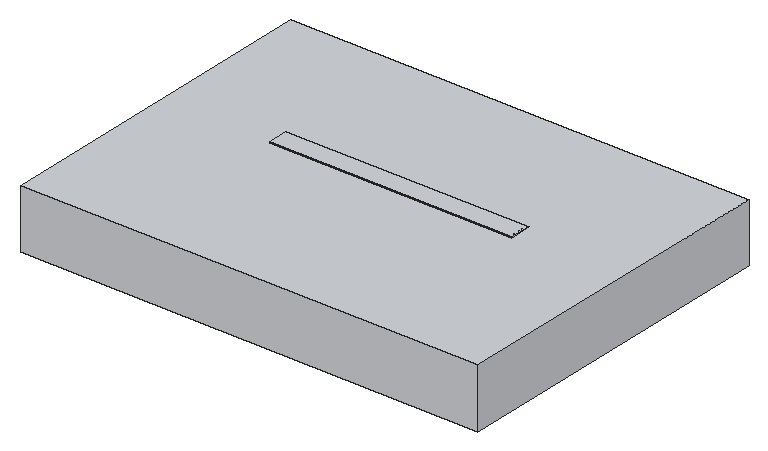
Revit family "rmebasicsamplefamily", category Air Terminals, host Face, Revit 2021
Family settings
  Host = Face
  Round Connector Dimension = Use Diameter
  Part Type = Normal
  OmniClass Number = 23.75.70.21.27.11
  OmniClass Title = Diffusers, Registers, and Grilles
  Cut with Voids When Loaded = No
  Shared = No
  Room Calculation Point = No
Parameters (values of type "Standard")
  Width 5 = Diffuser Half Width + 32 mm  # 73.5 mm
  Width 4 = Diffuser Half Width / 4  # 10.375 mm
  Width 3 = Diffuser Half Width / 3  # 13.833 mm
  Width 2 = Diffuser Half Width / 2  # 20.75 mm
  Width 1 = Diffuser Width / 2 + 12.5 mm  # 54 mm
  Slot Width = 25 mm
  Slot Number = 2
  Radius = (Duct Height / 2) - 1.5 mm  # 73.5 mm
  Pressure Drop [instance] = 18.0 Pa
  Duct Height = 150 mm
  Duct Width = 200 mm
  Length 1 = Diffuser Length / 2 + 12.5 mm  # 622 mm
  Flow [instance] = 57.0 L/s
  Diffuser material = none
  Diffuser Half Length = Diffuser Length * 1 / 2  # 609.5 mm
  Diffuser Width = 83 mm
  Diffuser Length = 1219 mm
  Diffuser Half Width = Diffuser Width * 1 / 2  # 41.5 mm
  Default Elevation = 1200 mm
  Assembly Code = ""
  Slot Visibility 4 = Slot Number = 4  # no
  Slot Visibility 3 = Slot Number = 3  # no
  Slot Visibility 2 = Slot Number = 2  # yes
  Slot Visibility 1 = Slot Number = 1  # no
Reference planes
  plane 1 "Centre (Front/Back)": y = 0
  plane 2: z = 0
  plane 3 "Centre (Left/Right)": x = 0
  plane 4: y = -41.5
  plane 5: y = -54
  plane 6: y = 54
  plane 7: y = 41.5
  plane 8: x = -609.5
  plane 9: x = 622
  plane 10: x = 609.5
  plane 11: x = -622
  plane 12 "top surface": z = 3.175
  plane 13: z = -279.4
  plane 14: z = -234.95
  plane 15: z = -159.95
  plane 16: y = -73.5
  plane 17: y = 20.75
  plane 18: y = -20.75
  plane 19: y = 27.667
  plane 20: y = -27.667
  plane 21: y = 10.375
  plane 22: y = 31.125
  plane 23: y = -10.375
  plane 24: y = -31.125
  plane 25: z = -158.45
  plane 26: z = -161.45
  plane 27: z = -84.95
  plane 28: x = -100
  plane 29: x = 100
  plane 30: x = -26.5
  plane 31: x = 26.5
Forms (mm)
  Extrusion 1, solid
    sketch origin (0, 0, 0) x (1, 0, 0) y (0, 1, 0)
      loop
        line (-1180.8, 784.25) -> (-1180.8, -956.15) -> (1168.1, -956.15) -> (1168.1, 784.25) -> (-1180.8, 784.25)
    from 0 to -304.8
  Extrusion 2, solid, material <- "Diffuser material"
    sketch origin (0, 0, 0) x (1, 0, 0) y (0, 1, 0)
      loop
        line (-609.5, 41.5) -> (-609.5, -41.5) -> (609.5, -41.5) -> (609.5, 41.5) -> (-609.5, 41.5)
    from -279.4 to 0
  Extrusion 3, solid, material <- "Diffuser material"
    sketch origin (-200.09, -6.234, 0) x (1, 0, 0) y (0, 1, 0)
      loop
        line (-421.91, 60.234) -> (-421.91, -47.766) -> (822.09, -47.766) -> (822.09, 60.234) -> (-421.91, 60.234)
    from 0 to 3.175
  Extrusion 4, solid
    sketch origin (609.5, -41.5, 0) x (-1, 0, 0) y (0, 0, -1)
      loop
        arc (636, 84.95) -> (687.972, 106.478) -> (709.5, 158.45) r 73.5
        line (709.5, 158.45) -> (709.5, 161.45)
        arc (709.5, 161.45) -> (687.972, 213.422) -> (636, 234.95) r 73.5
        line (636, 234.95) -> (583, 234.95)
        arc (583, 234.95) -> (531.028, 213.422) -> (509.5, 161.45) r 73.5
        line (509.5, 161.45) -> (509.5, 158.45)
        arc (509.5, 158.45) -> (531.028, 106.478) -> (583, 84.95) r 73.5
        line (583, 84.95) -> (636, 84.95)
    from 0 to 32
Lines and regions (mm)
  model lines
    curve 1: line (-609.5, 41.5, 3.175) -> (609.5, 41.5, 3.175)
    curve 2: line (-609.5, -41.5, 3.175) -> (-609.5, 41.5, 3.175)
    curve 3: line (609.5, -41.5, 3.175) -> (-609.5, -41.5, 3.175)
    curve 4: line (609.5, 41.5, 3.175) -> (609.5, -41.5, 3.175)
  model lines, visible <- "Slot Visibility 2"
    curve 5: line (-609.5, 20.75, 3.175) -> (609.5, 20.75, 3.175)
    curve 6: line (-609.5, -20.75, 3.175) -> (609.5, -20.75, 3.175)
  model lines, visible <- "Slot Visibility 4"
    curve 7: line (-609.5, 31.125, 3.175) -> (609.5, 31.125, 3.175)
    curve 8: line (-609.5, -31.125, 3.175) -> (609.5, -31.125, 3.175)
    curve 9: line (-609.5, 10.375, 3.175) -> (609.5, 10.375, 3.175)
    curve 10: line (-609.5, -10.375, 3.175) -> (609.5, -10.375, 3.175)
  model lines, visible <- "Slot Visibility 3"
    curve 11: line (-609.5, 0, 3.175) -> (609.5, 0, 3.175)
    curve 12: line (-609.5, 27.667, 3.175) -> (609.5, 27.667, 3.175)
    curve 13: line (-609.5, -27.667, 3.175) -> (609.5, -27.667, 3.175)
  model lines, visible <- "Slot Visibility 1"
    curve 14: line (-609.5, 0, 3.175) -> (609.5, 0, 3.175)
  symbolic lines, visible <- "Slot Visibility 1", detail levels fine
    curve 15: line (-609.5, 0, 0) -> (609.5, 0, 0)
  symbolic lines, visible <- "Slot Visibility 3", detail levels fine
    curve 16: line (-609.5, 0, 0) -> (609.5, 0, 0)
    curve 21: line (-609.5, 27.667, 0) -> (609.5, 27.667, 0)
    curve 22: line (-609.5, -27.667, 0) -> (609.5, -27.667, 0)
  symbolic lines, visible <- "Slot Visibility 4", detail levels fine
    curve 17: line (-609.5, 10.375, 0) -> (609.5, 10.375, 0)
    curve 18: line (-609.5, -10.375, 0) -> (609.5, -10.375, 0)
    curve 23: line (-609.5, 31.125, 0) -> (609.5, 31.125, 0)
    curve 24: line (-609.5, -31.125, 0) -> (609.5, -31.125, 0)
  symbolic lines, visible <- "Slot Visibility 2", detail levels fine
    curve 19: line (-609.5, 20.75, 0) -> (609.5, 20.75, 0)
    curve 20: line (-609.5, -20.75, 0) -> (609.5, -20.75, 0)
  symbolic lines
    curve 25: line (-622, 54, 0) -> (622, 54, 0)
    curve 26: line (-622, -54, 0) -> (-622, 54, 0)
    curve 27: line (622, -54, 0) -> (-622, -54, 0)
    curve 28: line (622, 54, 0) -> (622, -54, 0)
  symbolic lines, detail levels fine
    curve 29: line (-609.5, 41.5, 0) -> (609.5, 41.5, 0)
    curve 30: line (-609.5, -41.5, 0) -> (-609.5, 41.5, 0)
    curve 31: line (609.5, -41.5, 0) -> (-609.5, -41.5, 0)
    curve 32: line (609.5, 41.5, 0) -> (609.5, -41.5, 0)
Dimensions and locks
  locked: level to plane 12 "top surface" at 3.175
  locked: level to plane 13 at 279.4
  locked: plane 14 to plane 13 at 44.45
  "Length 1": plane 3 "Centre (Left/Right)" to plane 9
  "Length 1": plane 11 to plane 3 "Centre (Left/Right)"
  "Width 1": plane 6 to plane 1 "Centre (Front/Back)"
  "Width 1": plane 5 to plane 1 "Centre (Front/Back)"
  "Diffuser Half Length": plane 8 to plane 3 "Centre (Left/Right)"
  "Diffuser Half Length": plane 3 "Centre (Left/Right)" to plane 10
  "Diffuser Half Width": plane 1 "Centre (Front/Back)" to plane 7
  "Diffuser Half Width": plane 4 to plane 1 "Centre (Front/Back)"
  "Width 2": plane 1 "Centre (Front/Back)" to plane 17
  "Width 2": plane 18 to plane 1 "Centre (Front/Back)"
  "Width 3": plane 19 to plane 7
  "Width 3": plane 20 to plane 4
  "Width 4": plane 21 to plane 1 "Centre (Front/Back)"
  "Width 4": plane 22 to plane 7
  "Width 4": plane 23 to plane 1 "Centre (Front/Back)"
  "Width 4": plane 24 to plane 4
  "Width 5": plane 16 to plane 1 "Centre (Front/Back)"
  plane 25 to plane 26 = 3 mm
  equal spacing: plane 25, plane 15, plane 26
  "Duct Height": plane 27 to plane 14
  equal spacing: plane 27, plane 15, plane 14
  "Duct Width": plane 29 to plane 28
  equal spacing: plane 29, plane 3 "Centre (Left/Right)", plane 28
  "Radius": plane 30 to plane 28
  "Radius": plane 29 to plane 31
  aligned and locked: plane 2 to Extrusion 1
  aligned and locked: level to Extrusion 1
  aligned and locked: Extrusion 2 to plane 13
  aligned and locked: level to Extrusion 2
  aligned and locked: plane 4 to curve 3
  aligned and locked: plane 7 to curve 1
  aligned and locked: plane 10 to Extrusion 2
  aligned and locked: plane 8 to curve 2
  aligned and locked: Extrusion 2 to plane 8
  aligned and locked: Extrusion 3 to plane 11
  aligned and locked: plane 9 to Extrusion 3
  aligned and locked: plane 6 to Extrusion 3
  aligned and locked: plane 5 to Extrusion 3
  aligned and locked: Extrusion 2 to plane 7
  aligned and locked: Extrusion 2 to plane 4
  aligned and locked: curve 5 to plane 17
  aligned and locked: plane 18 to curve 6
  aligned and locked: curve 7 to plane 22
  aligned and locked: plane 24 to curve 8
  aligned and locked: curve 9 to plane 21
  aligned and locked: plane 23 to curve 10
  aligned and locked: curve 12 to plane 19
  aligned and locked: curve 13 to plane 20
  aligned and locked: plane 1 "Centre (Front/Back)" to curve 11
  aligned and locked: plane 1 "Centre (Front/Back)" to curve 14
  aligned and locked: curve 15 to curve 14
  aligned and locked: curve 16 to curve 14
  aligned and locked: curve 17 to curve 9
  aligned and locked: curve 18 to curve 10
  aligned and locked: curve 19 to curve 5
  aligned and locked: curve 20 to curve 6
  aligned and locked: curve 21 to curve 12
  aligned and locked: curve 22 to curve 13
  aligned and locked: curve 23 to curve 7
  aligned and locked: curve 24 to curve 8
  aligned and locked: curve 25 to Extrusion 3  (x2)
  aligned and locked: Extrusion 3 to curve 28
  aligned and locked: curve 28 to Extrusion 3
  aligned and locked: curve 2 to curve 29
  aligned and locked: curve 29 to curve 1
  aligned and locked: curve 32 to curve 3
  aligned and locked: curve 32 to curve 4
  aligned and locked: plane 28 to Extrusion 4 sketch curve
  aligned and locked: plane 14 to Extrusion 4 sketch curve
  aligned and locked: Extrusion 4 sketch curve to plane 29
  aligned and locked: Extrusion 4 sketch curve to plane 27
  aligned and locked: plane 25 to Extrusion 4 sketch curve  (x2)
  aligned and locked: plane 30 to Extrusion 4 sketch curve  (x2)
  aligned and locked: plane 26 to Extrusion 4 sketch curve  (x2)
  aligned and locked: plane 31 to Extrusion 4 sketch curve  (x2)
Automatic sketch dimensions
  Extrusion 2 sketch curve to plane 4 = 0 mm
  Extrusion 2 sketch curve to plane 8 = 0 mm
  Extrusion 2 sketch curve to plane 10 = 0 mm
  Extrusion 2 sketch curve to plane 7 = 0 mm
  Extrusion 3 sketch curve to plane 5 = 0 mm
  Extrusion 3 sketch curve to plane 11 = 0 mm
  Extrusion 3 sketch curve to plane 9 = 0 mm
  Extrusion 3 sketch curve to plane 6 = 0 mm
  curve 6 to plane 8 = 0 mm
  curve 5 to plane 8 = 0 mm
  curve 6 to plane 10 = 0 mm
  curve 5 to plane 10 = 0 mm
  curve 14 to plane 10 = 0 mm
  Extrusion 1 sketch curve to Extrusion 1 sketch curve = 2348.9 mm
  Extrusion 1 sketch curve to Extrusion 1 sketch curve = 1740.4 mm
Connectors
  hvac at (0, -73.5, -159.95), driven by "Duct Height", driven by "Duct Width", driven by "Flow"
    settings: on Extrusion 4, index 1, duct flow 57.0 L/s, flow factor 0, pres drop 0.0 Pa, loss coef 0, conn angle 0.00°, conn width 200 mm, conn height 150 mm, conn diameter 609.6 mm, duct sys type 1, conn prof type 2, flow config 1, flow direction 1, loss method 0, conn ref index -1, conn util no, is conn primary yes, conn desc ""
